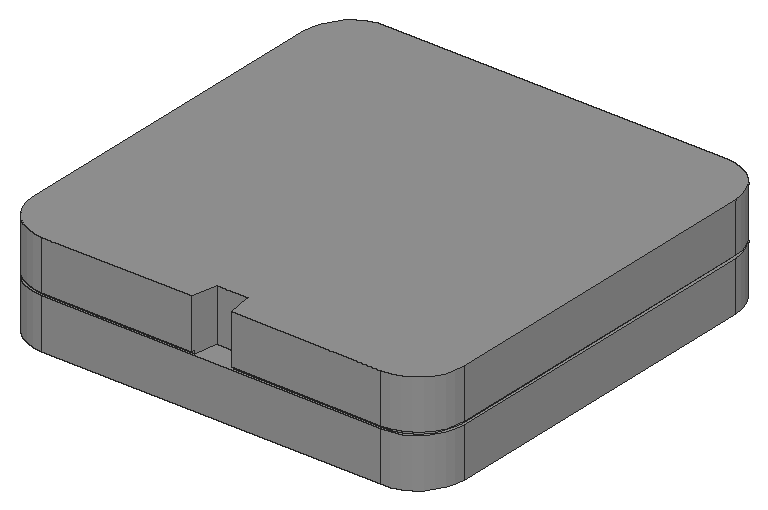
Revit family "WirelessRepeater", category Electrical Equipment, host Face, Revit 2020
Family settings
  Host = Face
  Round Connector Dimension = Use Diameter
  Part Type = Other Panel
  Cut with Voids When Loaded = No
  Shared = No
  Room Calculation Point = No
Parameters (values of type "WH32")
  URL = "https://www.verkada.com/alarms/wireless-hubs/"
  Type Image = WH32.jpg
  Model = "WH32-HW"
  Manufacturer = "VERKADA"  # constant formula
  Geometry = Wireless Repeater WH32 : WH32
  Description = "WH32 Wireless Repeater"
  Default Elevation = 108"
Reference planes (in)
  plane 1 "Center (Front/Back)": y = 0
  plane 2: z = 0
  plane 3 "Center (Left/Right)": x = 0
Dimensions and locks (in)
  aligned and locked: plane 2 to host face
  aligned and locked: level to host face
Nested families (in)
  nested 1: "Wireless Repeater WH32" at (0, 0, 0), type <- "Geometry", type "WH32"
Connectors (in)
  electrical at (0, 0, 0)
    settings: index 2, voltage 0 V, apparent load 0 VA, apparent load phase1 0 VA, apparent load phase2 0 VA, apparent load phase3 0 VA, power factor 1, load classification "Other", number of poles 1, system type 5, power factor state 1, is connector primary yes, connector utility no, sub classification motor no, connector description ""
Definition of nested family "Wireless Repeater WH32"
  Parameters (values of type "WH32")
    Width = 5 131/256"
    URL = "https://www.verkada.com/alarms/wireless-hubs/"
    Type Image = element 1772666
    Model = "WH32-HW"
    Manufacturer = "VERKADA"  # constant formula
    Length = 5 131/256"
    Height = 1.3"
    Description = "WH32 Wireless Repeater"
    Default Elevation = 108"
  Reference planes (in)
    plane 1 "Center (Front/Back)": y = 0
    plane 2: z = 0
    plane 3 "Center (Left/Right)": x = 0
    plane 4: z = 1.3
    plane 5: x = -2.75586
    plane 6: x = 2.75586
    plane 7: y = 2.75586
    plane 8: y = -2.75586
    plane 9: z = 0.65
    plane 10: z = 0.66953
    plane 11: z = 0.63047
  Forms (in)
    Extrusion 1, solid
      sketch origin (0, 0, 0) x (1, 0, 0) y (0, 1, 0)
        loop
          line (-10, 10) -> (-10, -10) -> (10, -10) -> (10, 10) -> (-10, 10)
      from 0 to -1
    Extrusion 2, solid, detail levels medium+fine
      sketch origin (0, 0, 0) x (1, 0, 0) y (0, 1, 0)
        loop
          arc (-2.16602, 2.75586) -> (-2.5831, 2.5831) -> (-2.75586, 2.16602) r 0.58984
          line (-2.75586, 2.16602) -> (-2.75586, -2.16602)
          arc (-2.75586, -2.16602) -> (-2.5831, -2.5831) -> (-2.16602, -2.75586) r 0.58984
          line (-2.16602, -2.75586) -> (2.16602, -2.75586)
          arc (2.16602, -2.75586) -> (2.5831, -2.5831) -> (2.75586, -2.16602) r 0.58984
          line (2.75586, -2.16602) -> (2.75586, 2.16602)
          arc (2.75586, 2.16602) -> (2.5831, 2.5831) -> (2.16602, 2.75586) r 0.58984
          line (2.16602, 2.75586) -> (-2.16602, 2.75586)
      from 0 to 0.63047
    Extrusion 3, solid, detail levels medium+fine
      sketch origin (0, 0, 0) x (1, 0, 0) y (0, 1, 0)
        loop
          arc (-2.16602, 2.75586) -> (-2.5831, 2.5831) -> (-2.75586, 2.16602) r 0.58984
          line (-2.75586, 2.16602) -> (-2.75586, -2.16602)
          arc (-2.75586, -2.16602) -> (-2.5831, -2.5831) -> (-2.16602, -2.75586) r 0.58984
          line (-2.16602, -2.75586) -> (-0.26004, -2.75586) -> (-0.20218, -2.42773) -> (0.20218, -2.42773) -> (0.26004, -2.75586) -> (2.16602, -2.75586)
          arc (2.16602, -2.75586) -> (2.5831, -2.5831) -> (2.75586, -2.16602) r 0.58984
          line (2.75586, -2.16602) -> (2.75586, 2.16602)
          arc (2.75586, 2.16602) -> (2.5831, 2.5831) -> (2.16602, 2.75586) r 0.58984
          line (2.16602, 2.75586) -> (-2.16602, 2.75586)
      from 0.66953 to 1.3
    Extrusion 4, solid, detail levels medium+fine
      sketch origin (0, 0, 0) x (1, 0, 0) y (0, 1, 0)
        loop
          line (2.16602, 2.7168) -> (-2.16602, 2.7168)
          arc (-2.16602, 2.7168) -> (-2.55548, 2.55548) -> (-2.7168, 2.16602) r 0.55078
          line (-2.7168, 2.16602) -> (-2.7168, -2.16602)
          arc (-2.7168, -2.16602) -> (-2.55548, -2.55548) -> (-2.16602, -2.7168) r 0.55078
          line (-2.16602, -2.7168) -> (-0.25315, -2.7168) -> (-0.20218, -2.42773) -> (0.20218, -2.42773) -> (0.25315, -2.7168) -> (2.16602, -2.7168)
          arc (2.16602, -2.7168) -> (2.55548, -2.55548) -> (2.7168, -2.16602) r 0.55078
          line (2.7168, -2.16602) -> (2.7168, 2.16602)
          arc (2.7168, 2.16602) -> (2.55548, 2.55548) -> (2.16602, 2.7168) r 0.55078
      from 0.63047 to 0.66953
  Cuts and joins
    joined: Extrusion 2, Extrusion 3, Extrusion 4
  Dimensions and locks (in)
    "Height": plane 4 to level
    equal spacing: plane 7, plane 1 "Center (Front/Back)", plane 8
    "Width": plane 7 to plane 8
    equal spacing: plane 5, plane 3 "Center (Left/Right)", plane 6
    "Length": plane 5 to plane 6
    equal spacing: plane 4, plane 9, level
    equal spacing: plane 10, plane 9, plane 11
    plane 10 to plane 11 = 5/128"
    aligned and locked: plane 2 to Extrusion 1
    aligned and locked: level to Extrusion 1
    aligned and locked: plane 8 to Extrusion 2 sketch curve
    aligned and locked: plane 6 to Extrusion 2 sketch curve
    aligned and locked: Extrusion 2 sketch curve to plane 7
    aligned and locked: plane 5 to Extrusion 2 sketch curve
    aligned and locked: Extrusion 2 to level
    aligned and locked: Extrusion 3 to plane 10
    aligned and locked: plane 4 to Extrusion 3
    aligned and locked: Extrusion 4 to plane 11
    aligned and locked: plane 10 to Extrusion 4
    aligned and locked: plane 11 to cut or joined group of Extrusion 2, Extrusion 3, Extrusion 4
  Automatic sketch dimensions
    Extrusion 1 sketch curve to Extrusion 1 sketch curve = 20"  (x2)
    plane 5 to Extrusion 2 sketch curve = 151/256"  (x2)
    plane 6 to Extrusion 2 sketch curve = 151/256"  (x2)
    plane 5 to Extrusion 4 sketch curve = 5/128"
    plane 6 to Extrusion 4 sketch curve = 151/256"  (x2)
    plane 8 to Extrusion 4 sketch curve = 5/128"  (x2)
    plane 5 to Extrusion 4 sketch curve = 151/256"  (x2)
    Extrusion 4 sketch curve to plane 7 = 5/128"
    plane 6 to Extrusion 4 sketch curve = 5/128"
    Extrusion 3 sketch curve to plane 5 = 0"
    Extrusion 3 sketch curve to plane 7 = 0"
    plane 3 "Center (Left/Right)" to Extrusion 3 sketch curve = 0.20218"
    Extrusion 3 sketch curve to plane 6 = 0"
    plane 5 to Extrusion 3 sketch curve = 151/256"  (x2)
    Extrusion 3 sketch curve to plane 3 "Center (Left/Right)" = 0.20218"
    Extrusion 3 sketch curve to Extrusion 3 sketch curve = 151/256"
    plane 6 to Extrusion 3 sketch curve = 151/256"
    plane 8 to Extrusion 3 sketch curve = 21/64"
    Extrusion 3 sketch curve to plane 3 "Center (Left/Right)" = 0.26004"
    plane 3 "Center (Left/Right)" to Extrusion 3 sketch curve = 0.26004"
    Extrusion 3 sketch curve to plane 8 = 0"  (x2)
    Extrusion 4 sketch curve to plane 3 "Center (Left/Right)" = 0.20218"
    plane 8 to Extrusion 4 sketch curve = 21/64"
    plane 3 "Center (Left/Right)" to Extrusion 4 sketch curve = 0.20218"
    Extrusion 4 sketch curve to plane 3 "Center (Left/Right)" = 0.25315"
    plane 3 "Center (Left/Right)" to Extrusion 4 sketch curve = 0.25315"
